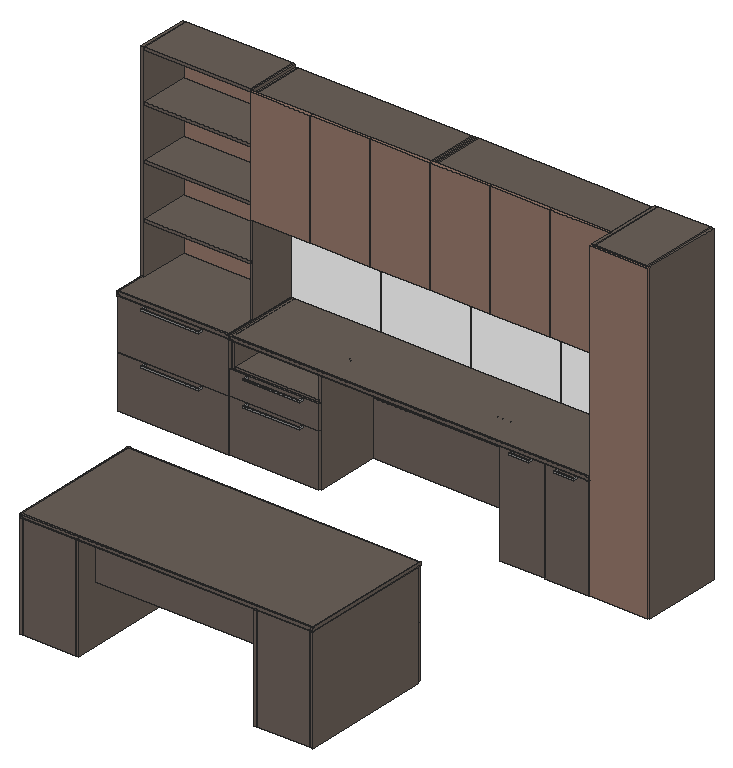
Revit family "OFS TYPICAL T100077", category Furniture, Revit 2022 (continued)
Definition of nested family "STAKS WORKSURFACE HEIGHT DOOR CABINET - NO RISER SUPPORT "
  Forms (in)
    Extrusion 8, solid, material <- "Chasis Material"
      sketch origin (-31.5409, -1.62465, -42.72261) x (1, 0, 0) y (0, 0, 1)
        loop
          line (41.26801, 42.72261) -> (63.76801, 42.72261) -> (63.76801, 43.47261) -> (41.26801, 43.47261) -> (41.26801, 42.72261)
      from -20.875 to -3
    Extrusion 9, solid
      sketch origin (0, 0, 0) x (1, 0, 0) y (0, 1, 0)
        loop
          line (32.91411, 20.00035) -> (32.22711, 20.00035) -> (32.22711, 13.37535) -> (9.72711, 13.37535) -> (9.72711, 20.00035) -> (9.03961, 20.00035) -> (9.03961, 0.62535) -> (9.72711, 0.62535) -> (9.72711, 4.37535) -> (32.22711, 4.37535) -> (32.22711, 0.62535) -> (32.91411, 0.62535) -> (32.91411, 20.00035)
        loop
          line (32.22711, 5.00035) -> (32.22711, 12.75035) -> (9.72711, 12.75035) -> (9.72711, 5.00035) -> (32.22711, 5.00035)
      from 27.875 to 28
    Extrusion 10, solid, material <- "Drawer Material"
      sketch origin (21.60211, 2.25, 0.06985) x (0, 1, 0) y (0, 0, -1)
        loop
          line (-1.62465, -27.80515) -> (-0.87465, -27.80515) -> (-0.87465, -0.18015) -> (-1.62465, -0.18015) -> (-1.62465, -27.80515)
      from -11.312 to 0.562
    Extrusion 11, solid, material <- "Drawer Handle Material"
      sketch origin (32.95422, 0, 28.42137) x (-1, 0, 0) y (0, -1, 0)
        loop
          line (3.25836, -0.62535) -> (3.63336, -0.62535) -> (3.63336, 0.18715) -> (8.32086, 0.18715) -> (8.32086, -0.62535) -> (8.69586, -0.62535) -> (8.69586, 0.37465) -> (3.25836, 0.37465) -> (3.25836, -0.62535)
      from -1.26512 to -0.79637
  Dimensions and locks (in)
    "Board Thickness": plane 13 to plane 12
    locked: plane 11 to plane 14 at 0.0625
    "Board Thickness": plane 11 to plane 16
    locked: plane 15 to plane 18 at 0.063
    "Width": plane 11 to plane 18
    Extrusion 3 sketch curve to plane 18 = 0' - 0 3/4"
    "Board Thickness": plane 19 to plane 18
    equal spacing: plane 11, plane 2 "Right", plane 18
    plane 21 to plane 20 to plane 13 = 0' - 0 3/16" locked, 0' - 0 13/16" locked
    "Riser Support": plane 6 to level
    "Height": plane 3 to plane 6
    "DH1": plane 4 to plane 6
    "DH2": plane 22 to plane 4
    locked: plane 26 to plane 6 at 0.25
    "Board Thickness": plane 27 to plane 17
    "Depth": plane 13 to plane 17
    plane 4 to plane 5 to plane 7 to plane 9 = 0' - 0 1/8" locked, 0' - 0 1/4" locked, 0' - 0.469" locked
    plane 22 to plane 23 to plane 24 to plane 25 = 0' - 0 1/8" locked, 0' - 0 1/4" locked, 0' - 0.469" locked
    plane 3 to plane 8 to plane 10 = 0' - 0 1/4" locked, 0' - 0 15/32" locked
    "Board Thickness": plane 28 to plane 6
    plane 12 to plane 30 to plane 31 = 0' - 3" locked, 0' - 4" locked
    plane 32 to plane 29 to plane 27 = 0' - 4" locked, 0' - 2 1/2" locked
    locked: plane 30 to plane 33 at 0.625
    locked: plane 32 to plane 34 at 0.625
    locked: plane 35 to plane 3 at 0.125
    equal spacing: plane 37, plane 2 "Right", plane 36
    "Board Thickness": plane 37 to plane 36
    plane 38 to plane 2 "Right" to plane 39 = 0' - 0.063", 0' - 0 1/16" locked
    equal spacing: plane 14, plane 40, plane 39
    "Drawer Handle Width": plane 42 to plane 41
    locked: plane 42 to plane 43 at 0.375
    locked: plane 44 to plane 41 at 0.375
    equal spacing: plane 15, plane 45, plane 38
    "Drawer Handle Width": plane 47 to plane 46
    locked: plane 47 to plane 48 at 0.375
    locked: plane 49 to plane 46 at 0.375
    equal spacing: plane 42, plane 40, plane 41
    equal spacing: plane 46, plane 45, plane 47
    aligned and locked: level to plane 1
    aligned and locked: plane 12 to Extrusion 1
    aligned and locked: Extrusion 1 to plane 17
    aligned and locked: Extrusion 2 to plane 16
    aligned and locked: plane 16 to Extrusion 1
    aligned and locked: Extrusion 1 to plane 11
    aligned and locked: Extrusion 2 to plane 17
    aligned and locked: plane 19 to Extrusion 2
    aligned and locked: plane 3 to Extrusion 1
    aligned and locked: plane 3 to Extrusion 2
    aligned and locked: plane 3 to Extrusion 4
    aligned and locked: Extrusion 5 to plane 10
    aligned and locked: plane 8 to Extrusion 5
    aligned and locked: Extrusion 3 to plane 19
    aligned and locked: Extrusion 4 to plane 14
    aligned and locked: plane 3 to Extrusion 3
    aligned and locked: Extrusion 3 to plane 6
    aligned and locked: plane 3 to Extrusion 6
    aligned and locked: Extrusion 6 to plane 10
    aligned and locked: plane 19 to Extrusion 6
    aligned and locked: Extrusion 6 to plane 16
    aligned and locked: Extrusion 6 to plane 29
    aligned and locked: plane 32 to Extrusion 6
    aligned and locked: plane 30 to Extrusion 7
    aligned and locked: Extrusion 7 to plane 31
    aligned and locked: plane 3 to Extrusion 7
    aligned and locked: Extrusion 7 to plane 10
    aligned and locked: plane 28 to Extrusion 8
    aligned and locked: Extrusion 8 to plane 6
    aligned and locked: Extrusion 8 to plane 27
    aligned and locked: plane 12 to Extrusion 8
    aligned and locked: plane 19 to Extrusion 8
    aligned and locked: Extrusion 8 to plane 16
    aligned and locked: Extrusion 9 to plane 3
    aligned and locked: plane 35 to Extrusion 9
    aligned and locked: Extrusion 4 to plane 26
    aligned and locked: Extrusion 4 to plane 39
    aligned and locked: plane 15 to Extrusion 10
    aligned and locked: Extrusion 10 to plane 26
    aligned and locked: Extrusion 10 to plane 38
    aligned and locked: plane 3 to Extrusion 10
    aligned and locked: Extrusion 5 to plane 42
    aligned and locked: plane 43 to Extrusion 5
    aligned and locked: plane 44 to Extrusion 5
    aligned and locked: Extrusion 5 to plane 41
    aligned and locked: Extrusion 11 to plane 46
    aligned and locked: plane 49 to Extrusion 11
    aligned and locked: plane 48 to Extrusion 11
    aligned and locked: Extrusion 11 to plane 47
    aligned and locked: Extrusion 11 to plane 20
    aligned and locked: plane 21 to Extrusion 11
    aligned and locked: plane 8 to Extrusion 11
    aligned and locked: Extrusion 11 to plane 10
    aligned and locked: Extrusion 2 to plane 6
    aligned and locked: Extrusion 1 to plane 6
  Automatic sketch dimensions
    level to Extrusion 1 sketch curve = 0' - 0"
    Extrusion 1 sketch curve to plane 11 = 0' - 0"
    Extrusion 1 sketch curve to plane 3 = 0' - 0"
    Extrusion 1 sketch curve to plane 16 = 0' - 0"
    level to Extrusion 2 sketch curve = 0' - 0"
    Extrusion 2 sketch curve to plane 3 = 0' - 0"
    Extrusion 2 sketch curve to plane 17 = 0' - 0"
    plane 27 to Extrusion 2 sketch curve = 0' - 0"
    plane 12 to Extrusion 3 sketch curve = 0' - 0"
    Extrusion 3 sketch curve to plane 18 = 0' - 0"
    plane 17 to Extrusion 3 sketch curve = 0' - 0"
    Extrusion 4 sketch curve to plane 3 = 0' - 0"
    Extrusion 4 sketch curve to plane 13 = 0' - 0"
    Extrusion 4 sketch curve to plane 12 = 0' - 0"
    Extrusion 4 sketch curve to plane 26 = 0' - 0"
    plane 13 to Extrusion 5 sketch curve = 0' - 0"  (x2)
    Extrusion 5 sketch curve to plane 42 = 0' - 0"
    Extrusion 5 sketch curve to plane 43 = 0' - 0"
    plane 20 to Extrusion 5 sketch curve = 0' - 0"
    Extrusion 5 sketch curve to plane 44 = 0' - 0"
    Extrusion 5 sketch curve to plane 41 = 0' - 0"
    plane 21 to Extrusion 5 sketch curve = 0' - 0"
    Extrusion 6 sketch curve to plane 10 = 0' - 0"
    Extrusion 6 sketch curve to plane 16 = 0' - 0"
    Extrusion 6 sketch curve to plane 3 = 0' - 0"
    Extrusion 6 sketch curve to plane 19 = 0' - 0"
    Extrusion 7 sketch curve to plane 10 = 0' - 0"
    Extrusion 7 sketch curve to plane 16 = 0' - 0"
    Extrusion 7 sketch curve to plane 3 = 0' - 0"
    Extrusion 7 sketch curve to plane 19 = 0' - 0"
    level to Extrusion 8 sketch curve = 0' - 0"
    Extrusion 8 sketch curve to plane 16 = 0' - 0"
    Extrusion 8 sketch curve to plane 19 = 0' - 0"
    Extrusion 8 sketch curve to plane 28 = 0' - 0"
    Extrusion 9 sketch curve to plane 14 = 0' - 0"
    Extrusion 9 sketch curve to plane 16 = 0' - 0"  (x3)
    Extrusion 9 sketch curve to plane 19 = 0' - 0"  (x3)
    plane 17 to Extrusion 9 sketch curve = 0' - 0"  (x2)
    plane 13 to Extrusion 9 sketch curve = 0' - 0"  (x2)
    Extrusion 9 sketch curve to plane 15 = 0' - 0"
    plane 30 to Extrusion 9 sketch curve = 0' - 0"
    plane 33 to Extrusion 9 sketch curve = 0' - 0"
    plane 32 to Extrusion 9 sketch curve = 0' - 0"
    plane 34 to Extrusion 9 sketch curve = 0' - 0"
    Extrusion 10 sketch curve to plane 3 = 0' - 0"
    Extrusion 10 sketch curve to plane 13 = 0' - 0"
    Extrusion 10 sketch curve to plane 12 = 0' - 0"
    Extrusion 10 sketch curve to plane 26 = 0' - 0"
    plane 13 to Extrusion 11 sketch curve = 0' - 0"  (x2)
    Extrusion 11 sketch curve to plane 47 = 0' - 0"
    Extrusion 11 sketch curve to plane 48 = 0' - 0"
    plane 20 to Extrusion 11 sketch curve = 0' - 0"
    Extrusion 11 sketch curve to plane 49 = 0' - 0"
    Extrusion 11 sketch curve to plane 46 = 0' - 0"
    plane 21 to Extrusion 11 sketch curve = 0' - 0"
Definition of nested family "STAKS BENCHING WORKSURFACE STRAIGHTENER"
  Parameters (values of type "STAKS BENCHING WORKSURFACE STRAIGHTENER 48in")
    Width = 3' - 11 1/2"
    URL = "http://www.ofs.com/"
    Model = "SPTR48"
    Manufacturer = "OFS"
    Height From Floor = 2' - 3 7/8"
    Height = 0' - 0 3/4"
    Description = "OFS STAKS BENCHING WORKSURFACE STRAIGHTENER, Use where Unsupported Worksurface Width is 48\"-54\""
    Depth = 0' - 1 11/16"
    Default Elevation = 0' - 0"
    Copyright © = "© 2018 OFS"
    Catalog = "https://ofs.com/products/open-plan/benching/staks"
    Bracket Material = none
    Authoring Version = "Autodesk Revit Architecture 2013"
    Assembly Code = "E2020200"
  Types (4): name | Width | Model | Description
    STAKS BENCHING WORKSURFACE STRAIGHTENER 48in | 3' - 11 1/2" | "SPTR48" | "OFS STAKS BENCHING WORKSURFACE STRAIGHTENER, Use where Unsupported Worksurface Width is 48\"-54\""
    STAKS BENCHING WORKSURFACE STRAIGHTENER 54in | 4' - 6" | "SPTR54" | "OFS STAKS BENCHING WORKSURFACE STRAIGHTENER, Use where Unsupported Worksurface Width is 55\"-60\""
    STAKS BENCHING WORKSURFACE STRAIGHTENER 60in | 5' - 0" | "SPTR60" | "OFS STAKS BENCHING WORKSURFACE STRAIGHTENER, Use where Unsupported Worksurface Width is 61\"-66\""
    STAKS BENCHING WORKSURFACE STRAIGHTENER 66in | 5' - 6" | "SPTR66" | "OFS STAKS BENCHING WORKSURFACE STRAIGHTENER, Use where Unsupported Worksurface Width is 67\"-78\""
  Reference planes (in)
    plane 1: z = 0
    plane 2 "Center (Front/Back)": y = 2.0316
    plane 3 "LEFT": x = -40.25
    plane 4 "BASE TOP": z = 27.875
    plane 5 "RIGHT": x = 7.25
    plane 6: z = 27.125
    plane 7: y = 2.87535
    plane 8 "CENTER": x = -16.5
    plane 9: y = 1.18785
  Forms (in)
    Extrusion 1, solid
      sketch origin (-16.5, 0, 0) x (0, 1, 0) y (0, 0, 1)
        loop
          line (1.18785, 27.875) -> (1.18785, 27.8125) -> (1.50035, 27.8125)
          arc (1.50035, 27.8125) -> (1.61083, 27.76674) -> (1.6566, 27.65625) r 0.15625
          line (1.6566, 27.65625) -> (1.6566, 27.34375)
          arc (1.6566, 27.34375) -> (1.72067, 27.18907) -> (1.87535, 27.125) r 0.21875
          line (1.87535, 27.125) -> (2.18785, 27.125)
          arc (2.18785, 27.125) -> (2.34253, 27.18907) -> (2.4066, 27.34375) r 0.21875
          line (2.4066, 27.34375) -> (2.4066, 27.65732)
          arc (2.4066, 27.65732) -> (2.45205, 27.76705) -> (2.56178, 27.8125) r 0.15518
          line (2.56178, 27.8125) -> (2.87535, 27.8125) -> (2.87535, 27.875) -> (2.56178, 27.875)
          arc (2.56178, 27.875) -> (2.40786, 27.81124) -> (2.3441, 27.65732) r 0.21768
          line (2.3441, 27.65732) -> (2.3441, 27.34375)
          arc (2.3441, 27.34375) -> (2.29833, 27.23326) -> (2.18785, 27.1875) r 0.15625
          line (2.18785, 27.1875) -> (1.87535, 27.1875)
          arc (1.87535, 27.1875) -> (1.76486, 27.23326) -> (1.7191, 27.34375) r 0.15625
          line (1.7191, 27.34375) -> (1.7191, 27.65625)
          arc (1.7191, 27.65625) -> (1.65503, 27.81093) -> (1.50035, 27.875) r 0.21875
          line (1.50035, 27.875) -> (1.18785, 27.875)
      from -23.75 to 23.75
    Extrusion 2, void
      sketch origin (0, 0, 0) x (1, 0, 0) y (0, 1, 0)
        loop
          circle (-16.5, 1.41052) r 0.09375
        loop
          circle (-16.5, 2.65268) r 0.09375
        loop
          circle (-10.6, 1.41052) r 0.09375
        loop
          circle (-10.6, 2.65268) r 0.09375
        loop
          circle (-4.7, 1.41052) r 0.09375
        loop
          circle (-4.7, 2.65268) r 0.09375
        loop
          circle (1.2, 1.41052) r 0.09375
        loop
          circle (1.2, 2.65268) r 0.09375
        loop
          circle (7.1, 1.41052) r 0.09375
        loop
          circle (7.1, 2.65268) r 0.09375
        loop
          circle (13, 1.41052) r 0.09375
        loop
          circle (13, 2.65268) r 0.09375
        loop
          circle (18.9, 1.41052) r 0.09375
        loop
          circle (18.9, 2.65268) r 0.09375
        loop
          circle (24.8, 1.41052) r 0.09375
        loop
          circle (24.8, 2.65268) r 0.09375
        loop
          circle (-22.4, 1.41052) r 0.09375
        loop
          circle (-22.4, 2.65268) r 0.09375
        loop
          circle (-28.3, 1.41052) r 0.09375
        loop
          circle (-28.3, 2.65268) r 0.09375
        loop
          circle (-34.2, 1.41052) r 0.09375
        loop
          circle (-34.2, 2.65268) r 0.09375
        loop
          circle (-40.1, 1.41052) r 0.09375
        loop
          circle (-40.1, 2.65268) r 0.09375
        loop
          circle (-46, 1.41052) r 0.09375
        loop
          circle (-46, 2.65268) r 0.09375
        loop
          circle (-51.9, 1.41052) r 0.09375
        loop
          circle (-51.9, 2.65268) r 0.09375
        loop
          circle (-57.8, 1.41052) r 0.09375
        loop
          circle (-57.8, 2.65268) r 0.09375
      from 0 to 29.98322
    Extrusion 3, void, not visible
      sketch origin (0, 0, 0) x (1, 0, 0) y (0, 1, 0)
        loop
          circle (-16.5, 1.41052) r 0.09375
        loop
          circle (-16.5, 2.65268) r 0.09375
        loop
          circle (-10.6, 1.41052) r 0.09375
        loop
          circle (-10.6, 2.65268) r 0.09375
        loop
          circle (-4.7, 1.41052) r 0.09375
        loop
          circle (-4.7, 2.65268) r 0.09375
        loop
          circle (1.2, 1.41052) r 0.09375
        loop
          circle (1.2, 2.65268) r 0.09375
        loop
          circle (7.1, 1.41052) r 0.09375
        loop
          circle (7.1, 2.65268) r 0.09375
        loop
          circle (13, 1.41052) r 0.09375
        loop
          circle (13, 2.65268) r 0.09375
        loop
          circle (18.9, 1.41052) r 0.09375
        loop
          circle (18.9, 2.65268) r 0.09375
        loop
          circle (24.8, 1.41052) r 0.09375
        loop
          circle (24.8, 2.65268) r 0.09375
        loop
          circle (-22.4, 1.41052) r 0.09375
        loop
          circle (-22.4, 2.65268) r 0.09375
        loop
          circle (-28.3, 1.41052) r 0.09375
        loop
          circle (-28.3, 2.65268) r 0.09375
        loop
          circle (-34.2, 1.41052) r 0.09375
        loop
          circle (-34.2, 2.65268) r 0.09375
        loop
          circle (-40.1, 1.41052) r 0.09375
        loop
          circle (-40.1, 2.65268) r 0.09375
        loop
          circle (-46, 1.41052) r 0.09375
        loop
          circle (-46, 2.65268) r 0.09375
        loop
          circle (-51.9, 1.41052) r 0.09375
        loop
          circle (-51.9, 2.65268) r 0.09375
        loop
          circle (-57.8, 1.41052) r 0.09375
        loop
          circle (-57.8, 2.65268) r 0.09375
      from 0 to 29.98322
  Cuts and joins
    Extrusion 2 cuts Extrusion 1
  Dimensions and locks (in)
    "Height From Floor": plane 4 "BASE TOP" to plane 1
    "Height": plane 4 "BASE TOP" to plane 6
    equal spacing: plane 3 "LEFT", plane 8 "CENTER", plane 5 "RIGHT"
    equal spacing: plane 9, plane 2 "Center (Front/Back)", plane 7
    "Width": plane 3 "LEFT" to plane 5 "RIGHT"
    "Depth": plane 9 to plane 7
    aligned and locked: level to plane 1
    aligned and locked: plane 4 "BASE TOP" to Extrusion 1 sketch curve
    aligned and locked: plane 6 to Extrusion 1 sketch curve
    aligned and locked: Extrusion 1 sketch curve to plane 9
    aligned and locked: Extrusion 1 sketch curve to plane 7
    aligned and locked: plane 5 "RIGHT" to Extrusion 1
    aligned and locked: Extrusion 1 to plane 3 "LEFT"
  Automatic sketch dimensions
    Extrusion 1 sketch curve to Extrusion 1 sketch curve = 0' - 0"  (x8)
    plane 4 "BASE TOP" to Extrusion 1 sketch curve = 0' - 0"
    plane 4 "BASE TOP" to Extrusion 1 sketch curve = 0' - 0 1/16"
    Extrusion 1 sketch curve to plane 9 = 0' - 0 5/16"
    Extrusion 1 sketch curve to plane 6 = 0' - 0 7/32"
    Extrusion 1 sketch curve to Extrusion 1 sketch curve = 0' - 0 5/32"
    plane 2 "Center (Front/Back)" to Extrusion 1 sketch curve = 0' - 0 5/32"
    Extrusion 1 sketch curve to plane 2 "Center (Front/Back)" = 0' - 0 5/32"
    Extrusion 1 sketch curve to Extrusion 1 sketch curve = 0' - 0.15518"
    Extrusion 2 sketch curve to Extrusion 2 sketch curve = 0' - 0"  (x29)
    Extrusion 2 sketch curve to Extrusion 2 sketch curve = 0' - 5.9"  (x14)
    Extrusion 2 sketch curve to Extrusion 2 sketch curve = 0' - 1.24216"  (x15)
    Extrusion 3 sketch curve to Extrusion 3 sketch curve = 0' - 0"  (x29)
    Extrusion 3 sketch curve to Extrusion 3 sketch curve = 0' - 5.9"  (x14)
    Extrusion 3 sketch curve to Extrusion 3 sketch curve = 0' - 1.24216"  (x15)
    radius of Extrusion 2 sketch curve = 0' - 0 3/32"  (x30)
    radius of Extrusion 3 sketch curve = 0' - 0 3/32"  (x30)
